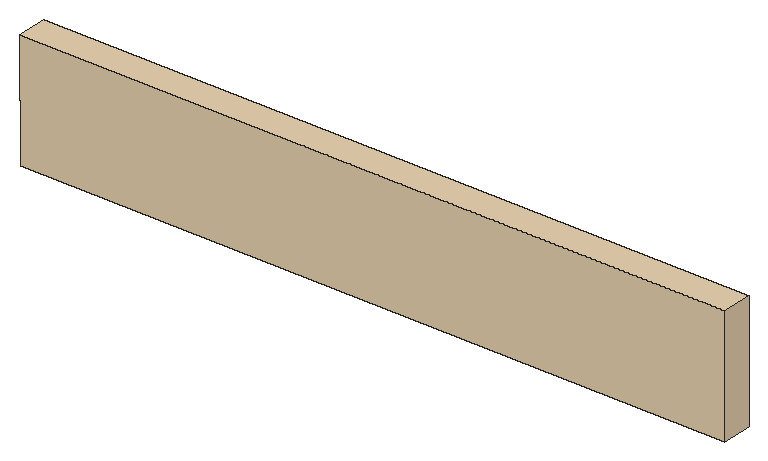
Revit family "Accessories-Teknion-RHABSH_Backsplash-R2018", category Furniture, Revit 2018
Family settings
  OmniClass Number = 23.40.20.00
  OmniClass Title = General Furniture and Specialties
  Work Plane-Based = No
  Always vertical = Yes
  Cut with Voids When Loaded = No
  Shared = Yes
  Room Calculation Point = No
Parameters (values of type "Water Resistant Option, 35" Datum height")
  Width [instance] = 24.000"
  Water Resistant = yes
  Warranty = "http://www.teknion.com/ca/papers/legal-canada"
  Unit Weight URL = "http://www.teknion.com/ca/tools/assets#&asset=bee6a381-b954-425e-8283-5a2de3a804f2,f828d448-4b62-4231-9e5f-9a8991c0ed77"
  URL = "www.teknion.com"
  To render please download texture images found here = "https://assets.teknion.com/web/5e81352c1dfdb467/revit-material-swatches/"
  Sustainability Data = "https://www.teknion.com/ca/tools/assets#&topic=216f99a5-57a0-44fc-b10a-9dee9b29ae4c&asset=444deb64-fe58-4b68-981e-f75e97781df7,b4ff2d81-9f2e-437d-9659-7cffb09c31cf"
  Series = "Modular Cabinets"  # constant formula
  Product Page URL = "https://www.teknion.com/ca/products/product-details?productLineId=217e336e-8e7a-673b-a6c8-ff00004460c4"
  Product Line = "Modular Cabinets"  # constant formula
  Product Documentation Link = "https://www.teknion.com/pricing/modular-cabinets/pdfs/RHABSH_ppg.pdf"
  Part Number = "RHABSH"  # constant formula
  Model = "RHABSHW___04"
  Manufacturer Phone = "416-661-3370"  # constant formula
  Manufacturer Fax = "416.661.4586"  # constant formula
  Manufacturer Contact Information = "http://www.teknion.com/ca/contactus"
  Manufacturer Address = "1150 Flint Road, Toronto, ON. M3J 2J5. Canada"  # constant formula
  Manufacturer = "Teknion"  # constant formula
  How To Use Teknion Materials User Guide = "https://assets.teknion.com/m/205dd0a49fa58060/original/How-to-add-a-Material-Library-and-Texture-Images-to-your-Revit-project.pdf"
  Height = 35.000"
  For Additional Finishes please visit = "https://assets.teknion.com/m/44a8009b046e5d47/original/Teknion_Materials_Library.zip"
  Description = "Backsplash, Water Resistant Option, 4\" Height"
  Backsplash Material Note = if(Water Resistant, "Select a Foundation Laminate material for Backsplash Finish", "Select a Foundation Laminate or Flintwood material for Backsplash Finish")  # "Select a Foundation Laminate material for Backsplash Finish"
  Backsplash Finish = Foundation Laminate - Teknion - HX - Costal Elm
  Available Widths [instance] = "12\" to 108\" in 1\" Increments"  # constant formula
  Assembly Code = "E2020200"
Types (5): name | Water Resistant | Model | Height | Description | Backsplash Material Note
  (no name) | yes | "RHABSHW___04" | 35.000" | "Backsplash, Water Resistant Option, 4\" Height" | "Select a Foundation Laminate material for Backsplash Finish"
  Standard Option, 35" Datum Height | no | "RHABSHS___04" | 35.000" | "Backsplash, Standard Option, 4\" Height" | "Select a Foundation Laminate or Flintwood material for Backsplash Finish"
  Water Resistant Option, 35" Datum height | yes | "RHABSHW___04" | 35.000" | "Backsplash, Water Resistant Option, 4\" Height" | "Select a Foundation Laminate material for Backsplash Finish"
  Standard Option, 33" Datum Height | no | "RHABSHS___04" | 33.000" | "Backsplash, Standard Option, 4\" Height" | "Select a Foundation Laminate or Flintwood material for Backsplash Finish"
  Water Resistant Option, 33" Datum Height | yes | "RHABSHW___04" | 33.000" | "Backsplash, Water Resistant Option, 4\" Height" | "Select a Foundation Laminate material for Backsplash Finish"
Reference planes (in)
  plane 1 "Center Front/Back": y = 14.5
  plane 2: z = 0
  plane 3 "Center Left/Right": x = 0
  plane 4 "Left": x = -12
  plane 5 "Right": x = 12
  plane 6 "Back": y = 15
  plane 7 "Front": y = 14
  plane 8 "Top": z = 35
Forms (in)
  Sweep 1, solid, material "Foundation Laminate - Teknion - HX - Costal Elm" <- "Backsplash Finish"
    path origin (0, 14.5, 0) x (1, 0, 0) y (0, 0, 1)
      loop
        line (0, 36.18898) -> (0, 40.18898)
    profile origin (0, 14.5, 38.18898) x (-1, 0, 0) y (0, -1, 0)
      loop
        line (-12, -0.5) -> (12, -0.5) -> (12, 0.5) -> (-12, 0.5) -> (-12, -0.5)
Lines and regions (in)
  Masking region 1
    outline origin (0, 0, 0) x (1, 0, 0) y (0, 1, 0)
      loop
        line (-12, 15) -> (-12, 14) -> (12, 14) -> (12, 15) -> (-12, 15)
  reference lines
    curve 1: line (-12, 15, 0) -> (12, 15, 0)
    curve 2: line (-12, 15, 0) -> (-12, 14, 0)
    curve 3: line (-12, 14, 0) -> (12, 14, 0)
    curve 4: line (12, 15.24023, 0) -> (12, 14, 0)
Dimensions and locks (in)
  "Width": plane 4 "Left" to plane 5 "Right"
  locked: plane 6 "Back" to plane 7 "Front" at 1
  "Height": plane 8 "Top" to level
  equal spacing: plane 4 "Left", plane 3 "Center Left/Right", plane 5 "Right"
  equal spacing: plane 6 "Back", plane 1 "Center Front/Back", plane 7 "Front"
  Sweep 1 sketch curve to Sweep 1 sketch curve to plane 8 "Top" = 4.000" locked, 1.18898" locked
  aligned and locked: level to plane 2
  aligned and locked: curve 1 to plane 6 "Back"
  aligned and locked: curve 2 to plane 4 "Left"
  aligned and locked: plane 7 "Front" to curve 3
  aligned and locked: curve 4 to plane 5 "Right"
  aligned and locked: plane 3 "Center Left/Right" to Sweep 1 sketch curve
  aligned and locked: plane 5 "Right" to Sweep 1 sketch curve
  aligned and locked: Sweep 1 sketch curve to plane 6 "Back"
  aligned and locked: plane 7 "Front" to Sweep 1 sketch curve
  aligned and locked: Sweep 1 sketch curve to plane 4 "Left"
  aligned and locked: Masking region 1 sketch curve to plane 6 "Back"
  aligned and locked: Masking region 1 sketch curve to plane 4 "Left"
  aligned and locked: plane 7 "Front" to Masking region 1 sketch curve
  aligned and locked: plane 5 "Right" to Masking region 1 sketch curve
Automatic sketch dimensions
  plane 6 "Back" to curve 4 = 0.24023"
